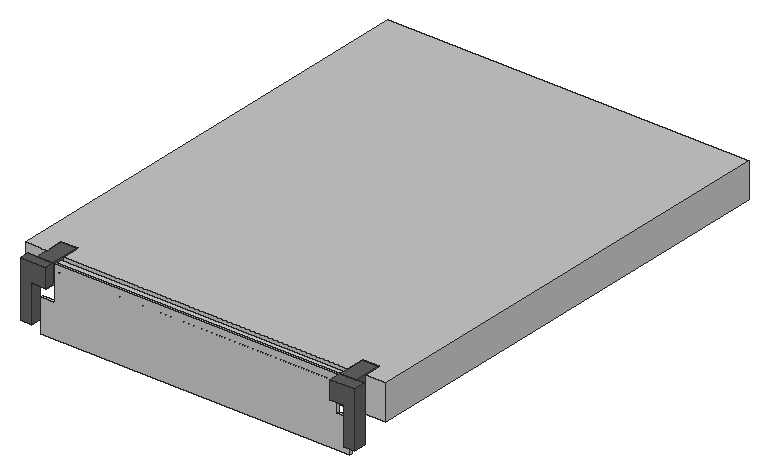
Revit family "Levelers_Serco_Versadock", category Generic Models, host Floor, Revit 2026
Family settings
  Host = Floor
  Can host rebar = No
  Round Connector Dimension = Use Diameter
  Part Type = Normal
  Always vertical = Yes
  Cut with Voids When Loaded = No
  Maintain Annotation Orientation = No
  Shared = No
  Room Calculation Point = No
Parameters (values of type "129")
  Type Comments = ""
  PitLength = 11' - 3"
  PitDepthR = 2' - 7"
  PitDepthF = PitDepthR + 0' 1"  # 2' - 8"
  Model = "Versa Dock"
  Manufacturer = "Entrematic"
  LipExtension = 0' - 0"
  Description = "9' Wide, Integraterd Bumper Hydraulic Leveler"
  Default Elevation = 0' - 0"
  Curb = 0' - 3"
  Capacity = "50/60/80k"
Types (7): name | PitLength | PitDepthR | PitDepthF | LipExtension
  (no name) | 11' - 3" | 2' - 7" | 2' - 8" | 0' - 0"
  89 | 7' - 3" | 2' - 1" | 2' - 2" | 0' - 0"
  109 | 9' - 3" | 2' - 4" | 2' - 5" | 0' - 0"
  129 | 11' - 3" | 2' - 7" | 2' - 8" | 0' - 0"
  129 Barrier Lip | 11' - 3" | 2' - 7" | 2' - 8" | 0' - 5"
  89 Barrier Lip | 7' - 3" | 2' - 1" | 2' - 2" | 0' - 5"
  109 Barrier Lip | 9' - 3" | 2' - 4" | 2' - 5" | 0' - 5"
Reference planes (in)
  plane 1 "Center (Front/Back)": y = 0
  plane 2: z = 0
  plane 3 "Center (Left/Right)": x = 0
  plane 4 "Edge Of Dock": y = -60
  plane 5: y = 75
  plane 6: x = 54.5
  plane 7: x = -54.5
  plane 8: z = -32
  plane 9: z = -31
  plane 10: x = -53.625
  plane 11: x = 53.625
  plane 12: y = -54.625
  plane 13: x = -47.375
  plane 14: x = -42.375
  plane 15: x = 42.375
  plane 16: x = 47.375
  plane 17: z = -0.375
  plane 18: x = -42
  plane 19: x = 42
  plane 20: z = -20.0625
  plane 21: z = -10.375
  plane 22: x = -46.0625
  plane 23: x = 46.0625
  plane 24: y = -63
  plane 25: y = -66.625
  plane 26: y = -58.125
  plane 27: z = 0
  plane 28: y = -63.75
  plane 29: y = -61.5
  plane 30: z = -1.875
  plane 31: x = -49.875
  plane 32: x = 49.875
  plane 33: y = 78
  plane 34: x = -57.5
  plane 35: x = 57.5
  plane 36: y = -57
  plane 37: z = -35
  plane 38: z = -3
Forms (in)
  Extrusion 1, void
    sketch origin (0, 0, 0) x (0, 1, 0) y (0, 0, 1)
      loop
        line (-60, 0) -> (-60, -31.99884) -> (75, -31) -> (75, 0) -> (-60, 0)
    from -54.5 to 54.5
  Extrusion 2, solid, material "Serco Diamond"
    sketch origin (0, 0, 0) x (1, 0, 0) y (0, 1, 0)
      loop
        line (-53.625, 75) -> (-53.625, -60) -> (-47.375, -60) -> (-47.375, -54.625) -> (-42.375, -54.625) -> (-42.375, -60) -> (42.375, -60) -> (42.375, -54.625) -> (47.375, -54.625) -> (47.375, -60) -> (53.625, -60) -> (53.625, 75) -> (-53.625, 75)
    from -10.375 to 0
  Extrusion 3, solid, material "Serco Diamond"
    sketch origin (0, 0, 0) x (1, 0, 0) y (0, 0, 1)
      loop
        line (-42, 0) -> (-42, -10.375) -> (-46.0625, -10.375) -> (-46.0625, -20.0625) -> (46.0625, -20.0625) -> (46.0625, -10.375) -> (42, -10.375) -> (42, 0) -> (-42, 0)
    from 63 to 63.75
  Extrusion 4, solid, material "Bumper"
    sketch origin (0, 0, 0) x (1, 0, 0) y (0, 0, 1)
      loop
        line (42.375, 0) -> (42.375, -5.5) -> (46.375, -5.5) -> (46.375, -16.5) -> (49.875, -16.5) -> (49.875, 0) -> (42.375, 0)
    from 63 to 66.625
  Extrusion 5, solid, material "Serco"
    sketch origin (0, 0, 0) x (0, 1, 0) y (0, 0, 1)
      loop
        circle (-61.5, -1.875) r 1.5
    from -42 to 42
  Extrusion 6, solid, material "Bumper"
    sketch origin (0, 0, 0) x (1, 0, 0) y (0, 1, 0)
      loop
        line (42.375, -63) -> (47.375, -63) -> (47.375, -54.625) -> (42.375, -54.625) -> (42.375, -63)
    from 0 to -5.5
  Extrusion 7, solid, material "Bumper"
    sketch origin (0, 0, 0) x (-1, 0, 0) y (0, 0, -1)
      loop
        line (42.375, 0) -> (49.875, 0) -> (49.875, 16.5) -> (46.375, 16.5) -> (46.375, 5.5) -> (42.375, 5.5) -> (42.375, 0)
    from 63.75 to 66.625
  Extrusion 8, solid, material "Bumper"
    sketch origin (-1.875, 0.125, 0) x (-1, 0, 0) y (0, -1, 0)
      loop
        line (40.5, 63.875) -> (40.5, 54.75) -> (45.5, 54.75) -> (45.5, 63.875) -> (40.5, 63.875)
    from 0 to -5.5
Lines and regions (in)
  model lines
    curve 1: line (54.5, 75, 0) -> (54.5, -60, 0)
    curve 2: line (54.5, -57, 0) -> (60.5, -57, 0)
    curve 3: line (60.5, -60, 0) -> (54.5, -60, 0)
    curve 4: line (-54.5, -60, 0) -> (-60.5, -60, 0)
    curve 5: line (-60.5, -60, 0) -> (-60.5, -57, 0)
    curve 6: line (-60.5, -57, 0) -> (-54.5, -57, 0)
    curve 7: line (-57.5, -57, 0) -> (-57.5, 78, 0)
    curve 8: line (-57.5, 75, 0) -> (57.5, 75, 0)
    curve 9: line (57.5, 78, 0) -> (-57.5, 78, 0)
    curve 10: line (-54.5, 0, -32) -> (57.5, 0, -32)
    curve 11: line (-54.5, -60, 0) -> (-54.5, -60, -32)
    curve 12: line (-54.5, -60, -32) -> (54.5, -60, -32)
    curve 13: line (54.5, -60, -32) -> (54.5, -60, 0)
    curve 14: line (54.5, -60, 0) -> (60.5, -60, 0)
    curve 15: line (60.5, -60, 0) -> (60.5, -60, -3)
    curve 16: line (60.5, -60, -3) -> (54.5, -60, -3)
    curve 17: line (57.5, -60, -3) -> (57.5, -60, -35)
    curve 18: line (57.5, -60, -35) -> (-57.5, -60, -35)
    curve 19: line (-57.5, -60, -35) -> (-57.5, -60, -1.875)
    curve 20: line (-57.5, -60, -32) -> (57.5, -60, -32)
    curve 21: line (54.5, -60, 0) -> (54.5, -60, -32)
    curve 22: line (-54.5, -60, -1.875) -> (-60.5, -60, -1.875)
    curve 23: line (-60.5, -60, -1.875) -> (-60.5, -60, 0)
    curve 24: line (60.5, -57, 0) -> (60.5, -60, 0)
    curve 25: line (57.5, 78, 0) -> (57.5, -57, 0)
Dimensions and locks (in)
  equal spacing: host sketch curve, plane 1 "Center (Front/Back)", host sketch curve
  equal spacing: host sketch curve, plane 3 "Center (Left/Right)", host sketch curve
  host sketch curve to host sketch curve = 10' - 0"  (x2)
  equal spacing: plane 7, plane 3 "Center (Left/Right)", plane 6, locked at 54.5 each
  "PitLength": plane 5 to plane 4 "Edge Of Dock"
  "PitDepthF": level to plane 8
  "PitDepthR": level to plane 9
  locked: connector elem to level at 21  (x2)
  locked: connector elem to plane 5 at 9  (x2)
  locked: plane 7 to plane 6 at 109
  equal spacing: plane 10, plane 3 "Center (Left/Right)", plane 11, locked at 53.625 each
  locked: plane 10 to plane 11 at 107.25
  plane 10 to plane 13 to plane 14 = 0' - 6 1/4" locked, 0' - 5" locked
  plane 15 to plane 16 to plane 11 = 0' - 5" locked, 0' - 6 1/4" locked
  locked: plane 12 to plane 4 "Edge Of Dock" at 5.375
  equal spacing: plane 18, plane 3 "Center (Left/Right)", plane 19, locked at 42 each
  locked: plane 18 to plane 19 at 84
  locked: level to plane 20 at 20.0625
  equal spacing: plane 23, plane 3 "Center (Left/Right)", plane 22, locked at 46.0625 each
  locked: plane 23 to plane 22 at 92.125
  Extrusion 3 to plane 17 to plane 2 = 0' - 10" locked, 0' - 0 3/8" locked
  plane 25 to plane 26 to Extrusion 2 = 0' - 8 1/2" locked, 0' - 3 1/2" locked
  "LipExtension": plane 27 to level
  locked: plane 25 to Extrusion 2 at 6.625
  locked: plane 24 to plane 28 at 0.75
  locked: plane 4 "Edge Of Dock" to plane 24 at 3
  equal spacing: plane 24, plane 29, Extrusion 2, locked at 1.5 each
  locked: plane 17 to plane 30 at 1.5
  locked: plane 31 to Extrusion 8 at 2.5
  locked: Extrusion 6 to plane 32 at 2.5
  "Curb": plane 34 to plane 7
  "Curb": plane 35 to plane 6
  "Curb": plane 36 to plane 4 "Edge Of Dock"
  "Curb": plane 33 to plane 5
  "Curb": plane 8 to plane 37
  "Curb": level to plane 38
  locked: plane 27 to connector elem at 18
  diameter of Extrusion 5 sketch curve = 0' - 3"
  aligned and locked: level to plane 2
  aligned and locked: Extrusion 1 sketch curve to level
  aligned and locked: plane 4 "Edge Of Dock" to Extrusion 1 sketch curve
  aligned and locked: Extrusion 1 sketch curve to plane 5
  aligned and locked: plane 9 to Extrusion 1 sketch curve
  aligned and locked: Extrusion 1 to plane 7
  aligned and locked: Extrusion 1 to plane 6
  aligned and locked: plane 5 to Extrusion 2 sketch curve
  aligned and locked: Extrusion 2 sketch curve to plane 10
  aligned and locked: Extrusion 2 sketch curve to plane 11
  aligned and locked: Extrusion 2 sketch curve to plane 4 "Edge Of Dock"  (x2)
  aligned and locked: Extrusion 2 sketch curve to plane 12  (x2)
  aligned and locked: plane 15 to Extrusion 2 sketch curve
  aligned and locked: Extrusion 2 sketch curve to plane 16
  aligned and locked: plane 13 to Extrusion 2 sketch curve
  aligned and locked: Extrusion 2 sketch curve to plane 14
  aligned and locked: level to Extrusion 2
  aligned and locked: Extrusion 3 sketch curve to plane 18
  aligned and locked: plane 21 to Extrusion 3 sketch curve  (x2)
  aligned and locked: Extrusion 3 sketch curve to plane 22
  aligned and locked: Extrusion 3 sketch curve to plane 19
  aligned and locked: Extrusion 3 sketch curve to plane 20
  aligned and locked: Extrusion 3 sketch curve to plane 23
  aligned and locked: Extrusion 2 to plane 21
  aligned and locked: plane 30 to Extrusion 5 sketch curve
  aligned and locked: plane 29 to Extrusion 5 sketch curve
  aligned and locked: Extrusion 4 to plane 25
  aligned and locked: plane 18 to Extrusion 5
  aligned and locked: plane 27 to Extrusion 3
  aligned and locked: Extrusion 4 to Extrusion 3
  aligned and locked: Extrusion 6 sketch curve to Extrusion 4  (x2)
  aligned and locked: Extrusion 6 sketch curve to Extrusion 2  (x2)
  aligned and locked: Extrusion 4 to Extrusion 6
  aligned and locked: Extrusion 7 to Extrusion 8
  aligned and locked: Extrusion 8 to plane 13
  aligned and locked: plane 12 to Extrusion 8
  aligned and locked: plane 14 to Extrusion 8
  aligned and locked: Extrusion 7 to plane 14
  aligned and locked: Extrusion 7 to plane 25
  aligned and locked: plane 28 to Extrusion 7
  aligned and locked: Extrusion 4 to plane 32
  aligned and locked: Extrusion 7 to plane 31
  aligned and locked: Extrusion 2 to plane 11
  aligned and locked: plane 4 "Edge Of Dock" to curve 3
  aligned and locked: curve 2 to plane 36
  aligned and locked: curve 6 to plane 36
  aligned and locked: plane 4 "Edge Of Dock" to curve 4
  aligned and locked: plane 34 to curve 7
  aligned and locked: curve 8 to plane 5
  aligned and locked: plane 33 to curve 9
  aligned and locked: plane 37 to curve 18
  aligned and locked: plane 34 to curve 19
  aligned and locked: curve 20 to plane 8
  aligned and locked: curve 16 to plane 38
  aligned and locked: curve 14 to host floor
  aligned and locked: level to curve 4
  aligned and locked: plane 30 to curve 22
  aligned and locked: curve 25 to plane 35
  aligned and locked: Extrusion 3 to plane 28
  aligned and locked: Extrusion 2 to plane 4 "Edge Of Dock"
Automatic sketch dimensions
  plane 8 to Extrusion 1 sketch curve = 0' - 0.00116"
  Extrusion 2 sketch curve to plane 4 "Edge Of Dock" = 0' - 0"
  Extrusion 3 sketch curve to plane 27 = 0' - 0"
  Extrusion 4 sketch curve to level = 0' - 0"
  Extrusion 4 sketch curve to plane 15 = 0' - 0"
  plane 23 to Extrusion 4 sketch curve = 0' - 0 5/16"
  plane 16 to Extrusion 4 sketch curve = 0' - 2 1/2"
  Extrusion 4 sketch curve to plane 30 = 0' - 3 5/8"
  plane 20 to Extrusion 4 sketch curve = 0' - 3 9/16"
  Extrusion 7 sketch curve to level = 0' - 0"
  Extrusion 7 sketch curve to plane 14 = 0' - 0"
  plane 22 to Extrusion 7 sketch curve = 0' - 0 5/16"
  plane 13 to Extrusion 7 sketch curve = 0' - 2 1/2"
  plane 30 to Extrusion 7 sketch curve = 0' - 3 5/8"
  Extrusion 7 sketch curve to plane 20 = 0' - 3 9/16"
  Extrusion 8 sketch curve to plane 12 = 0' - 0"
  Extrusion 8 sketch curve to plane 14 = 0' - 0"
  plane 13 to Extrusion 8 sketch curve = 0' - 0"
  plane 24 to Extrusion 8 sketch curve = 0' - 0 3/4"
  curve 10 to plane 8 = 0' - 0"
  curve 10 to plane 7 = 0' - 0"
  curve 10 to plane 35 = 0' - 0"
  curve 17 to plane 35 = 0' - 0"
  curve 13 to plane 6 = 0' - 0"
  curve 11 to plane 7 = 0' - 0"
  curve 23 to level = 0' - 0"
  curve 13 to plane 8 = 0' - 0"
  curve 11 to level = 0' - 0"
  plane 35 to curve 15 = 0' - 3"
  curve 19 to curve 23 = 0' - 3"
  curve 6 to plane 7 = 0' - 0"
  curve 4 to plane 7 = 0' - 0"
  curve 1 to plane 6 = 0' - 0"
  curve 4 to plane 34 = 0' - 3"
  plane 35 to curve 24 = 0' - 3"
Connectors (in)
  electrical at (54.5, 66, -21)
    settings: on plane 6, index 1, voltage 0 V, apparent load 0 VA, apparent load phase1 0 VA, apparent load phase2 0 VA, apparent load phase3 0 VA, power factor 1, load classification "Other", number of poles 1, system type 31, power factor state 1, is connector primary yes, connector utility no, sub classification motor no, connector description ""
  electrical at (54.5, 66, -18)
    settings: on plane 6, index 2, voltage 0 V, apparent load 0 VA, apparent load phase1 0 VA, apparent load phase2 0 VA, apparent load phase3 0 VA, power factor 1, load classification "Other", number of poles 1, system type 31, power factor state 1, is connector primary no, connector utility no, sub classification motor no, connector description ""
